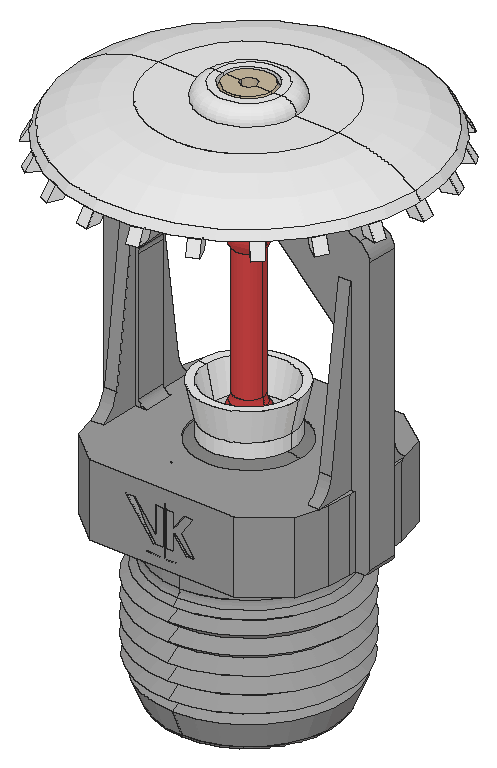
Revit family "VK300", category Sprinklers, Revit 2012
Parameters (values of type "VK300")
  URL = "www.vikinggroupinc.com/databook/sprinklers/standard/qr/stcov/080488.pdf"
  Temperature Rating = 155 °F
  Sprinkler Identification Number = "VK300"
  Response = Quick
  Pressure Class = Standard
  Orifice Size = 1/2"
  Orifice = Standard
  Model = "Upright"
  Manufacturer = "The Viking Corporation"
  K-Factor = 5.6
  Coverage = Standard
Reference planes (in)
  plane 1 "Center (Front/Back)": y = 0
  plane 2: z = 0
  plane 3 "Center (Left/Right)": x = 0
  plane 4 "Frame Front": y = -0.43751
  plane 5 "Connection Point": z = -2.27573
Forms (in)
  Revolve 1, solid, material "VK300 Deflector"
    sketch origin (0, 0, 0) x (1, 0, 0) y (0, 0, 1)
      loop
        line (-0.10712, 0.01602) -> (-0.1386, 0.01602)
        arc (-0.1386, 0.01602) -> (-0.17809, -0.00034) -> (-0.19445, -0.03984) r 0.05585
        line (-0.19445, -0.03984) -> (-0.10712, -0.03984) -> (-0.10712, 0.01602)
      axis (0, 0.01602) -> (0, -0.03984)
    angle from 0 to 360
Dimensions and locks (in)
  aligned and locked: plane 2 to level
Nested families (in)
  nested 1: "VK300 Frame" at (0, 0, 0), type "VK300 Frame"
  nested 2: "VK300 Pip Cap" at (0, 0, -1.09189), type "VK300 Pip Cap"
  nested 3: "VK300 Glass Bulb" at (0, 0, -0.46325), type "VK300 Glass Bulb"
  nested 4: "VK300 Screw" at (0, 0, 0.01602), type "VK300 Screw"
  nested 5: "VK300 Deflector" at (0, 0, -0.03984), type "VK300 Deflector"
Connectors (in)
  piping at (0, 0, -2.27573)
    settings: index 1, connector radius 1/4", flow factor 0, pipe flow 0 GPM, pressure drop 0.00 psi, fitting loss kfactor 0, connector angle 0.00°, fixture units 0, engagement length 0' - 0", flow configuration 0, flow direction 1, fitting loss method 4, system type 23, joint type 0, gender type 0, connector reference index -1, connector utility 0, adjustable connector no, is connector primary yes, fitting loss table "", connector description ""
Definition of nested family "VK300 Frame"
  Reference planes (in)
    plane 1 "Center (Front/Back)": y = 0
    plane 2: z = 0
    plane 3 "Center (Left/Right)": x = 0
    plane 4 "Frame Front": y = -0.4375
    plane 5 "Frame Back": y = 0.4375
  Forms (in)
    Revolve 1, solid, material "VK300 Frame"
      sketch origin (0, 0, 0) x (0, 1, 0) y (0, 0, 1)
        loop
          line (-0.2195, -1.46315) -> (-0.2195, -1.347) -> (-0.25966, -1.347) -> (-0.2845, -1.32216) -> (-0.40789, -1.32862)
          arc (-0.40789, -1.32862) -> (-0.42892, -1.33832) -> (-0.4375, -1.35983) r 0.03125
          line (-0.4375, -1.35983) -> (-0.4375, -1.55216)
          arc (-0.4375, -1.55216) -> (-0.43012, -1.57233) -> (-0.41146, -1.58297) r 0.03125
          arc (-0.41146, -1.58297) -> (-0.37418, -1.60421) -> (-0.35938, -1.64448) r 0.0625
          line (-0.35938, -1.64448) -> (-0.35938, -1.70976)
          arc (-0.35938, -1.70976) -> (-0.36158, -1.72621) -> (-0.36804, -1.74151) r 0.0625
          line (-0.36804, -1.74151) -> (-0.38904, -1.76567) -> (-0.35938, -1.78349) -> (-0.41926, -1.80769) -> (-0.35938, -1.8512) -> (-0.41858, -1.88268) -> (-0.36541, -1.92131) -> (-0.42041, -1.95841) -> (-0.36103, -1.99132) -> (-0.42, -2.02811) -> (-0.35938, -2.0631) -> (-0.41501, -2.10113) -> (-0.35716, -2.13453) -> (-0.39313, -2.1553) -> (-0.35068, -2.26037)
          arc (-0.35068, -2.26037) -> (-0.32384, -2.27573) -> (-0.30258, -2.25362) r 0.025
          line (-0.30258, -2.25362) -> (-0.2195, -1.46315)
        axis (0, -2.26037) -> (0, -1.32216)
      angle from 0 to 360
    Revolve 2, solid, material "VK300 Frame"
      sketch origin (0, 0, 0) x (0, 1, 0) y (0, 0, 1)
        loop
          line (-0.112, -0.2411) -> (-0.112, 0) -> (-0.155, 0) -> (-0.155, -0.08)
          arc (-0.155, -0.08) -> (-0.17003, -0.08889) -> (-0.18745, -0.08992) r 0.03713
          line (-0.18745, -0.08992) -> (-0.18286, -0.14246) -> (-0.14502, -0.41921)
          arc (-0.14502, -0.41921) -> (-0.13521, -0.43798) -> (-0.11569, -0.44618) r 0.03125
          line (-0.11569, -0.44618) -> (-0.07706, -0.44821) -> (-0.11202, -0.42962) -> (-0.08477, -0.41389) -> (-0.1116, -0.39777) -> (-0.08178, -0.38055) -> (-0.11219, -0.36701) -> (-0.08263, -0.34994) -> (-0.11282, -0.33388) -> (-0.08249, -0.31974) -> (-0.11117, -0.30449) -> (-0.08127, -0.28723) -> (-0.11249, -0.27333) -> (-0.08542, -0.25771) -> (-0.112, -0.2411)
        axis (0, -0.44821) -> (0, 0)
      angle from 0 to 360
    Extrusion 3, solid, material "VK300 Frame"
      sketch origin (0, 0, 0) x (1, 0, 0) y (0, 1, 0)
        loop
          line (-0.48246, 0.19508) -> (-0.49204, 0.09103) -> (-0.49204, -0.09103) -> (-0.48246, -0.19508) -> (-0.44854, -0.32166) -> (-0.31049, -0.4375) -> (0.2892, -0.4375) -> (0.44826, -0.32194) -> (0.4834, -0.18972) -> (0.49204, -0.09103) -> (0.49204, 0.09103) -> (0.4834, 0.18972) -> (0.44826, 0.32194) -> (0.2892, 0.4375) -> (-0.31049, 0.4375) -> (-0.44854, 0.32166) -> (-0.48246, 0.19508)
      from -1.60412 to -1.30725
    Extrusion 4, solid, material "VK300 Frame"
      sketch origin (0, 0, 0) x (-1, 0, 0) y (0, 0, -1)
        loop
          line (-0.11591, 0.1853) -> (-0.11591, 0.42532) -> (-0.39639, 0.70581)
          arc (-0.39639, 0.70581) -> (-0.40534, 0.7207) -> (-0.40625, 0.73805) r 0.03592
          line (-0.40625, 0.73805) -> (-0.40625, 1.2761)
          arc (-0.40625, 1.2761) -> (-0.39713, 1.29812) -> (-0.3751, 1.30725) r 0.03115
          line (-0.3751, 1.30725) -> (-0.48246, 1.30725) -> (-0.48246, 1.60412) -> (-0.52008, 1.60412)
          arc (-0.52008, 1.60412) -> (-0.54078, 1.59858) -> (-0.55306, 1.58103) r 0.03132
          line (-0.55306, 1.58103) -> (-0.55306, 0.43475)
          arc (-0.55306, 0.43475) -> (-0.54219, 0.39679) -> (-0.51284, 0.37038) r 0.07152
          line (-0.51284, 0.37038) -> (-0.11591, 0.1853)
      from -0.0625 to 0.0625
    Extrusion 5, void
      sketch origin (0, 0, 0) x (1, 0, 0) y (0, 1, 0)
        loop
          circle (0, 0) r 0.2195
      from -1.28426 to -2.276
    Extrusion 6, solid, material "VK300 Frame"
      sketch origin (0, 0, 0) x (0, 1, 0) y (0, 0, 1)
        loop
          line (0.0625, -0.529) -> (0.0625, -1.30725) -> (0.2239, -1.30725)
          arc (0.2239, -1.30725) -> (0.18019, -1.26858) -> (0.15881, -1.21428) r 0.125
          line (0.15881, -1.21428) -> (0.0625, -0.529)
      from -0.42371 to -0.49204
    Extrusion 7, solid, material "VK300 Frame"
      sketch origin (0, 0, 0) x (0, -1, 0) y (0, 0, -1)
        loop
          line (0.0625, 0.529) -> (0.15881, 1.21428)
          arc (0.15881, 1.21428) -> (0.18019, 1.26858) -> (0.2239, 1.30725) r 0.125
          line (0.2239, 1.30725) -> (0.0625, 1.30725) -> (0.0625, 0.529)
      from -0.42371 to -0.47337
    Extrusion 8, solid, material "VK300 Frame"
      sketch origin (0, 0, 0) x (0, -1, 0) y (0, 0, 1)
        loop
          line (0.0625, -0.529) -> (0.0625, -1.30725) -> (0.2239, -1.30725)
          arc (0.2239, -1.30725) -> (0.18019, -1.26858) -> (0.15881, -1.21428) r 0.125
          line (0.15881, -1.21428) -> (0.0625, -0.529)
      from -0.42371 to -0.47352
    Extrusion 9, solid, material "VK300 Frame"
      sketch origin (0, 0, 0) x (0, 1, 0) y (0, 0, 1)
        loop
          line (0.0625, -0.529) -> (0.0625, -1.30725) -> (0.2239, -1.30725)
          arc (0.2239, -1.30725) -> (0.18019, -1.26858) -> (0.15881, -1.21428) r 0.125
          line (0.15881, -1.21428) -> (0.0625, -0.529)
      from -0.42371 to -0.47337
    Extrusion 10, solid, material "VK300 Frame"
      sketch origin (0, 0, 0) x (0, 1, 0) y (0, 0, -1)
        loop
          line (0.0625, 0.529) -> (0.15881, 1.21428)
          arc (0.15881, 1.21428) -> (0.18019, 1.26858) -> (0.2239, 1.30725) r 0.125
          line (0.2239, 1.30725) -> (0.0625, 1.30725) -> (0.0625, 0.529)
      from -0.42371 to -0.47352
    Extrusion 11, void
      sketch origin (0, -0.4375, 0) x (1, 0, 0) y (0, 0, 1)
        loop
          line (-0.03784, -1.48384) -> (-0.12305, -1.37553) -> (-0.16234, -1.37553) -> (-0.04378, -1.52623) -> (-0.00449, -1.52623) -> (-0.00449, -1.37553) -> (-0.03784, -1.37553) -> (-0.03784, -1.48384)
        loop
          line (0.00576, -1.37553) -> (0.00576, -1.52623) -> (0.03911, -1.52623) -> (0.03911, -1.45873) -> (0.09222, -1.52623) -> (0.13151, -1.52623) -> (0.06966, -1.44761) -> (0.1215, -1.37553) -> (0.08221, -1.37553) -> (0.03911, -1.43545) -> (0.03911, -1.37553) -> (0.00576, -1.37553)
      from -0.02203 to 0
    Extrusion 12, void
      sketch origin (0, 0.4375, 0) x (1, 0, 0) y (0, 0, 1)
        loop
          line (0.16361, -1.37553) -> (0.12432, -1.37553) -> (0.03911, -1.48384) -> (0.03911, -1.37553) -> (0.00576, -1.37553) -> (0.00576, -1.52623) -> (0.04505, -1.52623) -> (0.16361, -1.37553)
        loop
          line (-0.03784, -1.37553) -> (-0.03784, -1.43545) -> (-0.08093, -1.37553) -> (-0.12023, -1.37553) -> (-0.06839, -1.44761) -> (-0.13024, -1.52623) -> (-0.09095, -1.52623) -> (-0.03784, -1.45873) -> (-0.03784, -1.52623) -> (-0.00449, -1.52623) -> (-0.00449, -1.37553) -> (-0.03784, -1.37553)
      from 0 to 0.03125
    Extrusion 13, solid, material "VK300 Frame"
      sketch origin (0, 0, 0) x (1, 0, 0) y (0, 0, 1)
        loop
          line (-0.11591, -0.1853) -> (-0.51284, -0.37038)
          arc (-0.51284, -0.37038) -> (-0.54219, -0.39679) -> (-0.55306, -0.43475) r 0.07152
          line (-0.55306, -0.43475) -> (-0.55306, -1.58103)
          arc (-0.55306, -1.58103) -> (-0.54078, -1.59858) -> (-0.52008, -1.60412) r 0.03132
          line (-0.52008, -1.60412) -> (-0.48246, -1.60412) -> (-0.48246, -1.30725) -> (-0.3751, -1.30725)
          arc (-0.3751, -1.30725) -> (-0.39713, -1.29812) -> (-0.40625, -1.2761) r 0.03115
          line (-0.40625, -1.2761) -> (-0.40625, -0.73805)
          arc (-0.40625, -0.73805) -> (-0.40534, -0.7207) -> (-0.39639, -0.70581) r 0.03592
          line (-0.39639, -0.70581) -> (-0.11591, -0.42532) -> (-0.11591, -0.1853)
      from -0.0625 to 0.0625
  Cuts and joins
    Extrusion 5 cuts Revolve 2
    Extrusion 5, Extrusion 11, Extrusion 12 cuts Extrusion 3
    Extrusion 5, Extrusion 11, Extrusion 12 cuts Extrusion 4
    Extrusion 11, Extrusion 12 cuts Extrusion 6
    Extrusion 11, Extrusion 12 cuts Extrusion 7
    Extrusion 11, Extrusion 12 cuts Extrusion 8
    Extrusion 11, Extrusion 12 cuts Extrusion 9
    Extrusion 11, Extrusion 12 cuts Extrusion 10
    joined: Extrusion 3, Extrusion 4, Extrusion 6, Extrusion 7, Extrusion 8, Extrusion 9, Extrusion 10
  Lines and regions (in)
    reference lines
      curve 1: line (-0.44854, -0.32166, 0) -> (-0.3327, -0.4375, 0)
      curve 2: line (0.44854, -0.32166, 0) -> (0.3327, -0.4375, 0)
  Dimensions and locks (in)
    aligned and locked: plane 2 to level
Definition of nested family "VK300 Pip Cap"
  Reference planes (in)
    plane 1 "Center (Front/Back)": y = 0
    plane 2: z = 0
    plane 3 "Center (Left/Right)": x = 0
  Forms (in)
    Revolve 1, solid, material "VK300 Pip Cap"
      sketch origin (0, 0, 0) x (1, 0, 0) y (0, 0, 1)
        loop
          line (-0.2086, 0) -> (-0.1775, -0.135) -> (-0.1775, -0.19495) -> (-0.1275, -0.2023) -> (-0.1275, -0.49625)
          arc (-0.1275, -0.49625) -> (-0.10004, -0.56254) -> (-0.03375, -0.59) r 0.09375
          line (-0.03375, -0.59) -> (0, -0.59) -> (0, -0.55875) -> (-0.03375, -0.55875)
          arc (-0.03375, -0.55875) -> (-0.07794, -0.54044) -> (-0.09625, -0.49625) r 0.0625
          line (-0.09625, -0.49625) -> (-0.09625, -0.1753) -> (-0.14625, -0.16796) -> (-0.14625, -0.13145) -> (-0.17653, 0) -> (-0.2086, 0)
        axis (0, 0) -> (0, -0.59)
      angle from 0 to 360
    Revolve 2, solid, material "VK300 Spring"
      sketch origin (0, 0, 0) x (1, 0, 0) y (0, 0, 1)
        loop
          line (-0.25009, -0.22442) -> (-0.24416, -0.25511) -> (-0.1275, -0.25511) -> (-0.13202, -0.20163) -> (-0.25009, -0.22442)
        axis (0, -0.20163) -> (0, -0.25511)
      angle from 0 to 360
    Revolve 3, solid, material "VK300 Pip Cap"
      sketch origin (0, 0, 0) x (1, 0, 0) y (0, 0, 1)
        loop
          line (-0.0545, -0.191) -> (-0.0935, -0.152) -> (-0.14626, -0.152) -> (-0.14626, -0.1881) -> (-0.09314, -0.1881) -> (-0.08601, -0.2301) -> (-0.0545, -0.2301) -> (-0.0545, -0.191)
        axis (0, -0.152) -> (0, -0.2301)
      angle from 0 to 360
  Dimensions and locks (in)
    aligned and locked: plane 2 to level
Definition of nested family "VK300 Glass Bulb"
  Reference planes (in)
    plane 1 "Center (Front/Back)": y = 0
    plane 2: z = 0
    plane 3 "Center (Left/Right)": x = 0
  Forms (in)
    Revolve 1, solid, material "VK300 Glass Bulb"
      sketch origin (0, 0, 0) x (1, 0, 0) y (0, 0, 1)
        loop
          arc (-0.059, -0.67016) -> (-0.06063, -0.6862) -> (-0.06724, -0.70091) r 0.05053
          arc (-0.06724, -0.70091) -> (-0.08038, -0.74958) -> (-0.06199, -0.79652) r 0.0805
          line (-0.06199, -0.79652) -> (-0.03957, -0.8236)
          arc (-0.03957, -0.8236) -> (-0.02865, -0.8889) -> (-0.025, -0.955) r 0.6
          arc (-0.025, -0.955) -> (-0.01768, -0.97268) -> (0, -0.98) r 0.025
          line (0, -0.98) -> (0, 0)
          arc (0, 0) -> (-0.06978, -0.04445) -> (-0.059, -0.12648) r 0.077
          line (-0.059, -0.12648) -> (-0.059, -0.67608)
        axis (0, 0) -> (0, -0.98)
      angle from 0 to 360
  Dimensions and locks (in)
    aligned and locked: plane 2 to level
Definition of nested family "VK300 Screw"
  Reference planes (in)
    plane 1 "Center (Front/Back)": y = 0
    plane 2: z = 0
    plane 3 "Center (Left/Right)": x = 0
  Forms (in)
    Revolve 1, solid, material "VK300 Brass Screw"
      sketch origin (0, 0, 0) x (1, 0, 0) y (0, 0, 1)
        loop
          line (-0.03175, -0.1) -> (-0.03175, 0) -> (-0.09309, 0) -> (-0.10712, -0.03009) -> (-0.0807, -0.05225) -> (-0.10847, -0.06829) -> (-0.07995, -0.09222) -> (-0.10626, -0.11429) -> (-0.08147, -0.13509) -> (-0.10831, -0.16193) -> (-0.08285, -0.18739) -> (-0.10811, -0.20859) -> (-0.08272, -0.23397) -> (-0.10989, -0.26114) -> (-0.08363, -0.29243) -> (-0.11208, -0.32089) -> (-0.07911, -0.33992) -> (-0.11091, -0.37172) -> (-0.08129, -0.40702) -> (-0.10409, -0.42982) -> (-0.05, -0.497)
          arc (-0.05, -0.497) -> (-0.02712, -0.48146) -> (0, -0.47599) r 0.07
          line (0, -0.47599) -> (0, -0.1) -> (-0.03175, -0.1)
        axis (0, 0) -> (0, -0.497)
      angle from 0 to 360
  Dimensions and locks (in)
    aligned and locked: plane 2 to level
Definition of nested family "VK300 Deflector"
  Reference planes (in)
    plane 1 "Center (Front/Back)": y = 0
    plane 2: z = 0
    plane 3 "Center (Left/Right)": x = 0
  Forms (in)
    Revolve 1, solid, material "VK300 Deflector"
      sketch origin (0, 0, 0) x (1, 0, 0) y (0, 0, 1)
        loop
          line (0, 0) -> (-0.375, 0)
          arc (-0.375, 0) -> (-0.54233, -0.02607) -> (-0.6938, -0.10182) r 0.55
          line (-0.6938, -0.10182) -> (-0.71361, -0.13643) -> (-0.656, -0.13643)
          arc (-0.656, -0.13643) -> (-0.522, -0.0721) -> (-0.375, -0.05) r 0.5
          line (-0.375, -0.05) -> (0, -0.05) -> (0, 0)
        axis (0, 0) -> (0, -0.13643)
      angle from 0 to 360
    Extrusion 2, solid, material "VK300 Deflector"
      sketch origin (0, 0, 0) x (1, 0, 0) y (0, 0, 1)
        loop
          line (-0.71361, -0.13643) -> (-0.74484, -0.19053) -> (-0.68696, -0.19053) -> (-0.65573, -0.13643) -> (-0.71361, -0.13643)
      from -0.02344 to 0.02344
    Extrusion 3, solid, material "VK300 Deflector"
      sketch origin (0, 0, 0) x (-1, 0, 0) y (0, 0, 1)
        loop
          line (-0.71361, -0.13643) -> (-0.74484, -0.19053) -> (-0.68696, -0.19053) -> (-0.65573, -0.13643) -> (-0.71361, -0.13643)
      from -0.02344 to 0.02344
    Extrusion 4, solid, material "VK300 Deflector"
      sketch origin (0, 0, 0) x (0.959493, -0.281733, 0) y (0, 0, 1)
        loop
          line (-0.71361, -0.13643) -> (-0.74484, -0.19053) -> (-0.68696, -0.19053) -> (-0.65573, -0.13643) -> (-0.71361, -0.13643)
      from -0.02344 to 0.02344
    Extrusion 5, solid, material "VK300 Deflector"
      sketch origin (0, 0, 0) x (0.841254, -0.540641, 0) y (0, 0, 1)
        loop
          line (-0.71361, -0.13643) -> (-0.74484, -0.19053) -> (-0.68696, -0.19053) -> (-0.65573, -0.13643) -> (-0.71361, -0.13643)
      from -0.02344 to 0.02344
    Extrusion 6, solid, material "VK300 Deflector"
      sketch origin (0, 0, 0) x (0.654861, -0.75575, 0) y (0, 0, 1)
        loop
          line (-0.71361, -0.13643) -> (-0.74484, -0.19053) -> (-0.68696, -0.19053) -> (-0.65573, -0.13643) -> (-0.71361, -0.13643)
      from -0.02344 to 0.02344
    Extrusion 7, solid, material "VK300 Deflector"
      sketch origin (0, 0, 0) x (0.415415, -0.909632, 0) y (0, 0, 1)
        loop
          line (-0.71361, -0.13643) -> (-0.74484, -0.19053) -> (-0.68696, -0.19053) -> (-0.65573, -0.13643) -> (-0.71361, -0.13643)
      from -0.02344 to 0.02344
    Extrusion 8, solid, material "VK300 Deflector"
      sketch origin (0, 0, 0) x (0.142315, -0.989821, 0) y (0, 0, 1)
        loop
          line (-0.71361, -0.13643) -> (-0.74484, -0.19053) -> (-0.68696, -0.19053) -> (-0.65573, -0.13643) -> (-0.71361, -0.13643)
      from -0.02344 to 0.02344
    Extrusion 9, solid, material "VK300 Deflector"
      sketch origin (0, 0, 0) x (-0.142315, -0.989821, 0) y (0, 0, 1)
        loop
          line (-0.71361, -0.13643) -> (-0.74484, -0.19053) -> (-0.68696, -0.19053) -> (-0.65573, -0.13643) -> (-0.71361, -0.13643)
      from -0.02344 to 0.02344
    Extrusion 10, solid, material "VK300 Deflector"
      sketch origin (0, 0, 0) x (-0.415415, -0.909632, 0) y (0, 0, 1)
        loop
          line (-0.71361, -0.13643) -> (-0.74484, -0.19053) -> (-0.68696, -0.19053) -> (-0.65573, -0.13643) -> (-0.71361, -0.13643)
      from -0.02344 to 0.02344
    Extrusion 11, solid, material "VK300 Deflector"
      sketch origin (0, 0, 0) x (-0.654861, -0.75575, 0) y (0, 0, 1)
        loop
          line (-0.71361, -0.13643) -> (-0.74484, -0.19053) -> (-0.68696, -0.19053) -> (-0.65573, -0.13643) -> (-0.71361, -0.13643)
      from -0.02344 to 0.02344
    Extrusion 12, solid, material "VK300 Deflector"
      sketch origin (0, 0, 0) x (-0.841254, -0.540641, 0) y (0, 0, 1)
        loop
          line (-0.71361, -0.13643) -> (-0.74484, -0.19053) -> (-0.68696, -0.19053) -> (-0.65573, -0.13643) -> (-0.71361, -0.13643)
      from -0.02344 to 0.02344
    Extrusion 13, solid, material "VK300 Deflector"
      sketch origin (0, 0, 0) x (-0.959493, -0.281733, 0) y (0, 0, 1)
        loop
          line (-0.71361, -0.13643) -> (-0.74484, -0.19053) -> (-0.68696, -0.19053) -> (-0.65573, -0.13643) -> (-0.71361, -0.13643)
      from -0.02344 to 0.02344
    Extrusion 14, solid, material "VK300 Deflector"
      sketch origin (0, 0, 0) x (0.959493, 0.281733, 0) y (0, 0, 1)
        loop
          line (-0.71361, -0.13643) -> (-0.74484, -0.19053) -> (-0.68696, -0.19053) -> (-0.65573, -0.13643) -> (-0.71361, -0.13643)
      from -0.02344 to 0.02344
    Extrusion 15, solid, material "VK300 Deflector"
      sketch origin (0, 0, 0) x (0.841254, 0.540641, 0) y (0, 0, 1)
        loop
          line (-0.71361, -0.13643) -> (-0.74484, -0.19053) -> (-0.68696, -0.19053) -> (-0.65573, -0.13643) -> (-0.71361, -0.13643)
      from -0.02344 to 0.02344
    Extrusion 16, solid, material "VK300 Deflector"
      sketch origin (0, 0, 0) x (0.654861, 0.75575, 0) y (0, 0, 1)
        loop
          line (-0.71361, -0.13643) -> (-0.74484, -0.19053) -> (-0.68696, -0.19053) -> (-0.65573, -0.13643) -> (-0.71361, -0.13643)
      from -0.02344 to 0.02344
    Extrusion 17, solid, material "VK300 Deflector"
      sketch origin (0, 0, 0) x (0.415415, 0.909632, 0) y (0, 0, 1)
        loop
          line (-0.71361, -0.13643) -> (-0.74484, -0.19053) -> (-0.68696, -0.19053) -> (-0.65573, -0.13643) -> (-0.71361, -0.13643)
      from -0.02344 to 0.02344
    Extrusion 18, solid, material "VK300 Deflector"
      sketch origin (0, 0, 0) x (0.142315, 0.989821, 0) y (0, 0, 1)
        loop
          line (-0.71361, -0.13643) -> (-0.74484, -0.19053) -> (-0.68696, -0.19053) -> (-0.65573, -0.13643) -> (-0.71361, -0.13643)
      from -0.02344 to 0.02344
    Extrusion 19, solid, material "VK300 Deflector"
      sketch origin (0, 0, 0) x (-0.142315, 0.989821, 0) y (0, 0, 1)
        loop
          line (-0.71361, -0.13643) -> (-0.74484, -0.19053) -> (-0.68696, -0.19053) -> (-0.65573, -0.13643) -> (-0.71361, -0.13643)
      from -0.02344 to 0.02344
    Extrusion 20, solid, material "VK300 Deflector"
      sketch origin (0, 0, 0) x (-0.415415, 0.909632, 0) y (0, 0, 1)
        loop
          line (-0.71361, -0.13643) -> (-0.74484, -0.19053) -> (-0.68696, -0.19053) -> (-0.65573, -0.13643) -> (-0.71361, -0.13643)
      from -0.02344 to 0.02344
    Extrusion 21, solid, material "VK300 Deflector"
      sketch origin (0, 0, 0) x (-0.654861, 0.75575, 0) y (0, 0, 1)
        loop
          line (-0.71361, -0.13643) -> (-0.74484, -0.19053) -> (-0.68696, -0.19053) -> (-0.65573, -0.13643) -> (-0.71361, -0.13643)
      from -0.02344 to 0.02344
    Extrusion 22, solid, material "VK300 Deflector"
      sketch origin (0, 0, 0) x (-0.841254, 0.540641, 0) y (0, 0, 1)
        loop
          line (-0.71361, -0.13643) -> (-0.74484, -0.19053) -> (-0.68696, -0.19053) -> (-0.65573, -0.13643) -> (-0.71361, -0.13643)
      from -0.02344 to 0.02344
    Extrusion 23, solid, material "VK300 Deflector"
      sketch origin (0, 0, 0) x (-0.959493, 0.281733, 0) y (0, 0, 1)
        loop
          line (-0.71361, -0.13643) -> (-0.74484, -0.19053) -> (-0.68696, -0.19053) -> (-0.65573, -0.13643) -> (-0.71361, -0.13643)
      from -0.02344 to 0.02344
    Extrusion 24, void
      sketch origin (0, 0, 0) x (1, 0, 0) y (0, 1, 0)
        loop
          line (0.08805, 0.1525) -> (0.04086, 0.1525) -> (0, 0.17609) -> (-0.04086, 0.1525) -> (-0.08805, 0.1525) -> (-0.11164, 0.11164) -> (-0.1525, 0.08805) -> (-0.1525, 0.04086) -> (-0.17609, 0) -> (-0.1525, -0.04086) -> (-0.1525, -0.08805) -> (-0.11164, -0.11164) -> (-0.08805, -0.1525) -> (-0.04086, -0.1525) -> (0, -0.17609) -> (0.04086, -0.1525) -> (0.08805, -0.1525) -> (0.11164, -0.11164) -> (0.1525, -0.08805) -> (0.1525, -0.04086) -> (0.17609, 0) -> (0.1525, 0.04086) -> (0.1525, 0.08805) -> (0.11164, 0.11164) -> (0.08805, 0.1525)
      from -0.05008 to 0
  Cuts and joins
    Extrusion 24 cuts Revolve 1
  Lines and regions (in)
    reference lines
      curve 1: line (-0.68696, 0, -0.19053) -> (-0.77439, 0, -0.19053)
  Dimensions and locks (in)
    aligned and locked: plane 2 to level
